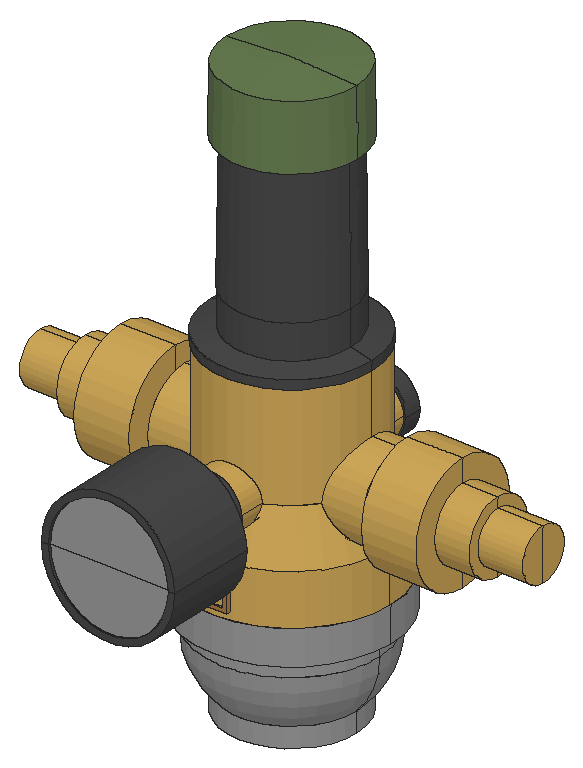
Revit family "Druckminderer mit Kunststoffkappe 2682", category Rohrzubehör, Revit 2018
Family settings
  Bemaßung runder Anschluss = Durchmesser verwenden
  Teiletyp = Unterbricht
  OmniClass-Nummer = 23.65.55.14
  OmniClass-Titel = Valves for Liquid Services
  Arbeitsebenenbasiert = Nein
  Immer vertikal = Ja
  Beim Laden mit Abzugskörper schneiden = Nein
  Gemeinsam genutzt = Nein
Parameters (values of type "Manometer vorne")
  Werkseinstellung (sekundärseitig) = 300000.0 Pa  # constant formula
  W01 = 91.00°  # constant formula
  Vorne [instance] = yes
  VRL03 [instance] = size_lookup("2682_K_", "VRL3", 1.000 mm, Nennweite)  # 23.500 mm
  VRL02 [instance] = size_lookup("2682_K_", "VRL2", 1.000 mm, Nennweite)  # 16.000 mm
  VRL01 [instance] = size_lookup("2682_K_", "VRL1", 1.000 mm, Nennweite)  # 73.500 mm
  VRD02 [instance] = size_lookup("2682_K_", "VRD2", 1.000 mm, Nennweite)  # 17.000 mm
  VRD01 [instance] = size_lookup("2682_K_", "VRD1", 1.000 mm, Nennweite)  # 10.500 mm
  VRAG [instance] = Nennweite / 2  # 7.500 mm
  URL = "www.herz-armaturen.at"
  Standard = "EN 1567"  # constant formula
  SC_NennweiteBerechnet = 0
  SC_Dimension = ""
  SCTWSEQ = "AW;SBT_TYP_AW=\"111\";2"
  SCTWCODE = "04;24;02"  # constant formula
  S02 = 10.000 mm  # constant formula
  S01 [instance] = VRD02 * 2  # 34.000 mm
  R07 [instance] = R05 + 0.800 mm  # 9.300 mm
  R06 = 19.500 mm  # constant formula
  R05 [instance] = size_lookup("2682_K_", "R5", 1.000 mm, Nennweite)  # 8.500 mm
  R04 [instance] = size_lookup("2682_K_", "R4", 1.000 mm, Nennweite)  # 18.900 mm
  R03 [instance] = size_lookup("2682_K_", "R3", 1.000 mm, Nennweite)  # 19.250 mm
  R02 [instance] = size_lookup("2682_K_", "R2", 1.000 mm, Nennweite)  # 28.750 mm
  R01 [instance] = size_lookup("2682_K_", "R1", 1.000 mm, Nennweite)  # 23.250 mm
  Oberteile = "PA6.6"  # constant formula
  Nennweite [instance] = 15.000 mm
  Membrane = "EPDM"  # constant formula
  Medium = "Wasser"  # constant formula
  Max. Vordruck (primärseitig) = 1600000.0 Pa  # constant formula
  Max. Betriebstemperatur = 40 °C  # constant formula
  Maschenweite Filter = "0.3 mm"  # constant formula
  Manometerskala = "0 - 10 bar"  # constant formula
  Manometeranschluss (beidseitig) = "1/4\" F (ISO 228-1)"
  LO01 [instance] = H02 - 2.000 mm  # 27.000 mm
  L01 [instance] = size_lookup("2682_K_", "L1", 1.000 mm, Nennweite)  # 10.600 mm
  L00 [instance] = size_lookup("2682_K_", "L", 1.000 mm, Nennweite)  # 84.000 mm
  Kappe = "PA12, transparent"  # constant formula
  Holländeranschlüsse = "Messing CW617N"  # constant formula
  Hinweis = "Gemäß Art 33 der REACH-Verordnung (EG Nr. 1907/2006) sind wir verpflichtet, darauf hinzuweisen, dass der Stoff Blei auf der SVHC-Liste geführt wird und dass alle aus Messing bestehenden Bauteile, die in unseren Erzeugnissen verarbeitet sind, mehr als 0,1 % (w/w) Blei (CAS: 7439-92-1 / EINECS: 231-100-4) enthalten.\r\nDa Blei als Legierungsbestandteil fest gebunden ist, sind keine Expositionen zu erwarten und daher sind keine zusätzlichen Angaben zur sicheren Verwendung notwendig."
  Hinten [instance] = no
  Hersteller = "HERZ Armaturen Ges.m.b.H."  # constant formula
  Handgriff = "PA 6.6, grün"  # constant formula
  H12 [instance] = size_lookup("2682_K_", "H12", 1.000 mm, Nennweite)  # 5.800 mm
  H11 [instance] = size_lookup("2682_K_", "H11", 1.000 mm, Nennweite)  # 10.000 mm
  H10 [instance] = size_lookup("2682_K_", "H10", 1.000 mm, Nennweite)  # 37.000 mm
  H09 [instance] = H01 + H04 - H05  # 84.500 mm
  H08 [instance] = size_lookup("2682_K_", "H8", 1.000 mm, Nennweite)  # 20.000 mm
  H07 [instance] = size_lookup("2682_K_", "H7", 1.000 mm, Nennweite)  # 10.000 mm
  H06 [instance] = size_lookup("2682_K_", "H6", 1.000 mm, Nennweite)  # 2.500 mm
  H05 [instance] = size_lookup("2682_K_", "H5", 1.000 mm, Nennweite)  # 4.700 mm
  H04 [instance] = size_lookup("2682_K_", "H4", 1.000 mm, Nennweite)  # 58.700 mm
  H03 [instance] = D02 + 1.000 mm  # 14.220 mm
  H02 [instance] = size_lookup("2682_K_", "H2", 1.000 mm, Nennweite)  # 29.000 mm
  H01 [instance] = size_lookup("2682_K_", "H1", 1.000 mm, Nennweite)  # 30.500 mm
  Gehäuse (DN32-DN50) = "Gussmessing (EN 1982; CC770S)"  # constant formula
  Gehäuse (DN15-DN25) = "geschmiedetes Messing (EN 12165; CW626N)"  # constant formula
  GT1 [instance] = size_lookup("2682_K_", "GT1", 1.000 mm, Nennweite)  # 12.000 mm
  GT [instance] = size_lookup("2682_K_", "GT", 1.000 mm, Nennweite)  # 13.200 mm
  Filter = "Edelstahl"  # constant formula
  Federführung = "Edelstahl"  # constant formula
  Feder = "Federstahl"  # constant formula
  Einstellbereich (sekundärseitig) = "1.5 - 6 bar"  # constant formula
  Dichtung im Druckreduziererelement = "EPDM"  # constant formula
  Dichtung der Holländeranschlüsse = "Klingersil C-4324"  # constant formula
  D09 [instance] = size_lookup("2682_K_", "D9", 1.000 mm, Nennweite)  # 19.000 mm
  D08 [instance] = size_lookup("2682_K_", "D8", 1.000 mm, Nennweite)  # 25.800 mm
  D07 [instance] = size_lookup("2682_K_", "D7", 1.000 mm, Nennweite)  # 29.000 mm
  D06 [instance] = size_lookup("2682_K_", "D6", 1.000 mm, Nennweite)  # 16.000 mm
  D05 [instance] = size_lookup("2682_K_", "D5", 1.000 mm, Nennweite)  # 16.800 mm
  D04 [instance] = size_lookup("2682_K_", "D4", 1.000 mm, Nennweite)  # 17.300 mm
  D03 [instance] = size_lookup("2682_K_", "D3", 1.000 mm, Nennweite)  # 23.500 mm
  D02 [instance] = size_lookup("2682_K_", "D2", 1.000 mm, Nennweite)  # 13.220 mm
  D01 [instance] = size_lookup("2682_K_", "D1", 1.000 mm, Nennweite)  # 9.525 mm
  Bestellnummer [instance] = size_lookup("2682_K_", "Artnr", 0, Nennweite)  # 1268211
  B03 = 5.000 mm  # constant formula
  B02 = 26.000 mm  # constant formula
  B01 [instance] = size_lookup("2682_K_", "B1", 1.000 mm, Nennweite)  # 30.000 mm
  B00 [instance] = size_lookup("2682_K_", "B", 1.000 mm, Nennweite)  # 67.000 mm
  Außengewinde = "gemäß ISO 7-1 und ISO228"  # constant formula
  Anwendung = "Typischerweise dient der Druckreduzierer dazu, Installationen beziehungsweise Anlagen vor zu hohem Druck zu schützen.\r\nWeiters können Druckreduzierer in Heizungsanlagen eingesetzt werden, um zu hohe Drücke im Boiler zu verhindern.\r\nDer Druck nach dem Druckreduzierer ist im angegebenen Bereich einstellbar und steht nicht im Zusammenhang mit dem Vordruck.\r\nUm den Druck nach dem Druckreduzierer zu steigern, muss der Handgriff im Uhrzeigersinn gedreht werden.\r\nDurch das Einstellen von Drücken, welche die vorgegebene Skala überschreiten, können Schäden am Druckreduzierer entstehen.\r\nWir empfehlen einen maximalen Hinterdruck sekundärseitig von 4 bar für Anlagen in privaten Haushalten (lange Produktlebensdauer, geringe Kosten).\r\nNach jeder Änderung des Einstellwertes muss die Ausgangsseite druckentlastet werden, zum Beispiel durch Wasserzapfen."
Types (3, lengths in mm): name | Vorne | Hinten
  (no name) | yes | no
  Manometer vorne | yes | no
  Manometer hinten | no | yes
Reference planes
  plane 1 "Mitte (Vorne/hinten)": y = 0
  plane 2: z = 0
  plane 3 "Mitte (Links/rechts)": x = 0
Forms (mm)
  Revolve 1, solid, material "Messing, weicher Gelbton, geschweißt", detail levels fine
    sketch origin (0, 0, 0) x (1, 0, 0) y (0, 0, 1)
      loop
        line (-42, 0) -> (42, 0) -> (42, 9.525) -> (31.4, 9.525) -> (31.4, 13.22) -> (-31.4, 13.22) -> (-31.4, 9.525) -> (-42, 9.525) -> (-42, 0)
      axis (-42, 0) -> (42, 0)
    angle from 0 to 360
  Revolve 2, solid, material "Messing, weicher Gelbton, geschweißt", detail levels fine
    sketch origin (0, 0, 0) x (1, 0, 0) y (0, 0, 1)
      loop
        line (0, -29) -> (28.75, -29) -> (28.75, -14.22) -> (23.25, 0) -> (23.25, 30.5) -> (0, 30.5) -> (0, -29)
      axis (0, 30.5) -> (0, -29)
    angle from 0 to 360
  Revolve 3, solid, material "Acetalharz, Schwarz", detail levels fine
    sketch origin (0, 0, 0) x (1, 0, 0) y (0, 0, 1)
      loop
        line (0, 30.5) -> (0, 89.2) -> (-16, 89.2) -> (-16, 84.5) -> (-16.8, 84.5) -> (-17.3, 44.5) -> (-17.3, 34.5) -> (-23.5, 33) -> (-23.5, 30.5) -> (0, 30.5)
      axis (0, 89.2) -> (0, 30.5)
    angle from 0 to 360
  Revolve 4, solid, material "Kunststoff GRÜN", detail levels fine
    sketch origin (0, 0, 0) x (1, 0, 0) y (0, 0, 1)
      loop
        line (0, 84.5) -> (19.25, 84.5) -> (18.9, 103.392)
        arc (18.9, 103.392) -> (9.466, 104.223) -> (0, 104.5) r 161.794
        line (0, 104.5) -> (0, 84.5)
      axis (0, 104.5) -> (0, 84.5)
    angle from 0 to 360
  Revolve 5, solid, material "Kunststoff, transparent", detail levels fine
    sketch origin (0, 0, 0) x (1, 0, 0) y (0, 0, 1)
      loop
        line (0, -29) -> (0, -66) -> (19, -66) -> (19, -60.2)
        arc (19, -60.2) -> (24.034, -52.577) -> (25.8, -43.615) r 23.626
        line (25.8, -43.615) -> (25.8, -39) -> (29, -39) -> (29, -29) -> (0, -29)
      axis (0, -29) -> (0, -66)
    angle from 0 to 360
  Revolve 6, solid, material "Messing, weicher Gelbton, geschweißt", detail levels fine
    sketch origin (0, 0, 0) x (1, 0, 0) y (0, 0, 1)
      loop
        line (34, 9.525) -> (46, 9.525) -> (46, 0) -> (73.5, 0) -> (73.5, 7.5) -> (60.3, 7.5) -> (60.3, 10.5) -> (50, 10.5) -> (50, 17) -> (34, 17) -> (34, 9.525)
      loop
        line (-34, 9.525) -> (-34, 17) -> (-50, 17) -> (-50, 10.5) -> (-60.3, 10.5) -> (-60.3, 7.5) -> (-73.5, 7.5) -> (-73.5, 0) -> (-46, 0) -> (-46, 9.525) -> (-34, 9.525)
      axis (-73.5, 0) -> (73.5, 0)
    angle from 0 to 360
  Revolve 7, solid, material "Messing, weicher Gelbton, geschweißt", detail levels fine
    sketch origin (0, 0, 0) x (1, 0, 0) y (0, 1, 0)
      loop
        line (0, 30) -> (0, -30) -> (8.5, -30) -> (8.5, 30) -> (0, 30)
      axis (0, 30) -> (0, -30)
    angle from 0 to 360
  Revolve 8, solid, material "Acetalharz, Schwarz", visible <- "Vorne", detail levels fine
    sketch origin (0, 0, 0) x (1, 0, 0) y (0, 1, 0)
      loop
        line (0, -30) -> (0, -65) -> (17.5, -65) -> (17.5, -67) -> (19.5, -67) -> (19.5, -41) -> (9.3, -41) -> (9.3, -30) -> (0, -30)
      axis (0, -30) -> (0, -67)
    angle from 0 to 360
  Revolve 9, solid, material "Acetalharz, Schwarz", visible <- "Vorne", detail levels fine
    sketch origin (0, 0, 0) x (1, 0, 0) y (0, 1, 0)
      loop
        line (0, 30) -> (9.3, 30) -> (9.3, 35) -> (0, 35) -> (0, 30)
      axis (0, 35) -> (0, 30)
    angle from 0 to 360
  Revolve 10, solid, material "Acetalharz, Schwarz", visible <- "Hinten", detail levels fine
    sketch origin (0, 0, 0) x (1, 0, 0) y (0, -1, 0)
      loop
        line (0, 30) -> (9.3, 30) -> (9.3, 35) -> (0, 35) -> (0, 30)
      axis (0, 35) -> (0, 30)
    angle from 0 to 360
  Revolve 11, solid, material "Acetalharz, Weiß", visible <- "Vorne", detail levels fine
    sketch origin (0, 0, 0) x (1, 0, 0) y (0, 1, 0)
      loop
        line (0, -65) -> (0, -66.5) -> (17.5, -66.5) -> (17.5, -65) -> (0, -65)
      axis (0, -65) -> (0, -66.5)
    angle from 0 to 360
  Revolve 12, solid, material "Acetalharz, Schwarz", visible <- "Hinten", detail levels fine
    sketch origin (0, 0, 0) x (1, 0, 0) y (0, -1, 0)
      loop
        line (0, -30) -> (0, -65) -> (17.5, -65) -> (17.5, -67) -> (19.5, -67) -> (19.5, -41) -> (9.3, -41) -> (9.3, -30) -> (0, -30)
      axis (0, -30) -> (0, -67)
    angle from 0 to 360
  Revolve 13, solid, material "Acetalharz, Weiß", visible <- "Hinten", detail levels fine
    sketch origin (0, 0, 0) x (1, 0, 0) y (0, -1, 0)
      loop
        line (0, -65) -> (0, -66.5) -> (17.5, -66.5) -> (17.5, -65) -> (0, -65)
      axis (0, -65) -> (0, -66.5)
    angle from 0 to 360
Lines and regions (mm)
  model lines, detail levels coarse+medium
    curve 1: line (-42, 0, -17) -> (-42, 0, 17)
    curve 2: line (-42, 0, 17) -> (42, 0, -34)
    curve 3: line (42, 0, -34) -> (42, 0, 34)
    curve 4: line (42, 0, 34) -> (-42, 0, -17)
    curve 5: line (-42, 0, 17) -> (-52, 0, 17)
    curve 6: line (-52, 0, 17) -> (-42, 0, 0)
    curve 7: line (-42, 0, -17) -> (-52, 0, -17)
    curve 8: line (-52, 0, -17) -> (-42, 0, 0)
    curve 9: line (-42, 0, 0) -> (-73.5, 0, 0)
    curve 10: line (42, 0, 17) -> (52, 0, 17)
    curve 11: line (52, 0, 17) -> (42, 0, 0)
    curve 12: line (42, 0, -17) -> (52, 0, -17)
    curve 13: line (52, 0, -17) -> (42, 0, 0)
    curve 14: line (42, 0, 0) -> (73.5, 0, 0)
    curve 15: line (-42, -17, 0) -> (-42, 17, 0)
    curve 16: line (-42, 17, 0) -> (42, -34, 0)
    curve 17: line (42, -34, 0) -> (42, 34, 0)
    curve 18: line (42, 34, 0) -> (-42, -17, 0)
    curve 19: line (-42, 17, 0) -> (-52, 17, 0)
    curve 20: line (-52, 17, 0) -> (-42, 0, 0)
    curve 21: line (-42, -17, 0) -> (-52, -17, 0)
    curve 22: line (-52, -17, 0) -> (-42, 0, 0)
    curve 23: line (42, 0, -17) -> (42, 0, 17)
    curve 24: line (42, 0, 17) -> (52, 0, 17)
    curve 25: line (52, 0, 17) -> (42, 0, 0)
    curve 26: line (42, 17, 0) -> (52, 17, 0)
    curve 27: line (52, 17, 0) -> (42, 0, 0)
    curve 28: line (42, -17, 0) -> (52, -17, 0)
    curve 29: line (52, -17, 0) -> (42, 0, 0)
Dimensions and locks
  equal spacing: Revolve 1 sketch curve, plane 3 "Mitte (Links/rechts)", Revolve 1 sketch curve
  "L00": Revolve 1 sketch curve to Revolve 1 sketch curve
  "L01": Revolve 1 sketch curve to Revolve 1 sketch curve  (x2)
  "D01": Revolve 1 sketch curve to Revolve 1 sketch curve  (x2)
  "D02": Revolve 1 sketch curve to plane 2
  "R01": Revolve 2 sketch curve to Revolve 2 sketch curve
  "R02": Revolve 2 sketch curve to Revolve 2 sketch curve
  "H01": Revolve 2 sketch curve to plane 2
  "H02": plane 2 to Revolve 2 sketch curve
  "H03": plane 2 to Revolve 2 sketch curve
  "H01": Revolve 3 sketch curve to plane 2
  "H04": Revolve 3 sketch curve to Revolve 3 sketch curve
  "H05": Revolve 3 sketch curve to Revolve 3 sketch curve
  "H06": Revolve 3 sketch curve to Revolve 3 sketch curve
  "H07": Revolve 3 sketch curve to Revolve 3 sketch curve
  "D03": Revolve 3 sketch curve to Revolve 3 sketch curve
  "D04": Revolve 3 sketch curve to Revolve 3 sketch curve
  "D05": Revolve 3 sketch curve to Revolve 3 sketch curve
  "D06": Revolve 3 sketch curve to Revolve 3 sketch curve
  "R03": Revolve 4 sketch curve to Revolve 4 sketch curve
  "H08": Revolve 4 sketch curve to Revolve 4 sketch curve
  "R04": Revolve 4 sketch curve to plane 3 "Mitte (Links/rechts)"
  "H09": Revolve 4 sketch curve to plane 2
  "H10": Revolve 5 sketch curve to Revolve 5 sketch curve
  "H02": plane 2 to Revolve 5 sketch curve
  "D07": Revolve 5 sketch curve to Revolve 5 sketch curve
  "H11": Revolve 5 sketch curve to Revolve 5 sketch curve
  "D08": Revolve 5 sketch curve to Revolve 5 sketch curve
  "H12": Revolve 5 sketch curve to Revolve 5 sketch curve
  "D09": Revolve 5 sketch curve to Revolve 5 sketch curve
  "VRL02": Revolve 6 sketch curve to Revolve 6 sketch curve  (x2)
  "VRL01": Revolve 6 sketch curve to plane 3 "Mitte (Links/rechts)"
  "GT": Revolve 6 sketch curve to Revolve 6 sketch curve  (x2)
  "VRL03": Revolve 6 sketch curve to Revolve 6 sketch curve  (x2)
  "D01": Revolve 6 sketch curve to plane 2  (x2)
  "GT1": Revolve 6 sketch curve to Revolve 6 sketch curve  (x2)
  "VRAG": Revolve 6 sketch curve to plane 2  (x2)
  "VRD01": Revolve 6 sketch curve to plane 2  (x2)
  "VRD02": Revolve 6 sketch curve to Revolve 6 sketch curve  (x2)
  "VRL01": plane 3 "Mitte (Links/rechts)" to Revolve 6 sketch curve
  "B01": Revolve 7 sketch curve to plane 1 "Mitte (Vorne/hinten)" to Revolve 7 sketch curve
  "R05": Revolve 7 sketch curve to Revolve 7 sketch curve
  "B00": Revolve 8 sketch curve to plane 1 "Mitte (Vorne/hinten)"
  "B01": plane 1 "Mitte (Vorne/hinten)" to Revolve 8 sketch curve
  "B02": Revolve 8 sketch curve to Revolve 8 sketch curve
  "R06": Revolve 8 sketch curve to Revolve 8 sketch curve
  "R07": Revolve 8 sketch curve to Revolve 8 sketch curve
  "R02": nested 1 to plane 1 "Mitte (Vorne/hinten)"
  "LO01": plane 2 to nested 1
  "VRD02": curve 2 to plane 2 to curve 4
  "S01": curve 4 to plane 2 to curve 3
  equal spacing: curve 3, plane 3 "Mitte (Links/rechts)", curve 1
  "L00": curve 3 to curve 1
  "S02": curve 1 to curve 6
  "S02": curve 1 to curve 8
  "VRL01": plane 3 "Mitte (Links/rechts)" to curve 9
  "S02": curve 11 to curve 3
  "S02": curve 13 to curve 3
  "VRL01": curve 14 to plane 3 "Mitte (Links/rechts)"
  "VRD02": curve 10 to plane 2 to curve 12
  equal spacing: curve 15, plane 3 "Mitte (Links/rechts)", curve 17
  "L00": curve 15 to curve 17
  "VRD02": curve 18 to plane 1 "Mitte (Vorne/hinten)" to curve 16
  "S01": curve 17 to plane 1 "Mitte (Vorne/hinten)" to curve 18
  "S02": curve 20 to curve 15
  "S02": curve 22 to curve 15
  "S02": curve 17 to curve 27
  "S02": curve 17 to curve 29
  "VRD02": curve 28 to plane 1 "Mitte (Vorne/hinten)" to curve 26
  "R07": Revolve 9 sketch curve to Revolve 9 sketch curve
  "B01": plane 1 "Mitte (Vorne/hinten)" to Revolve 9 sketch curve
  "B03": Revolve 9 sketch curve to Revolve 9 sketch curve
  "R07": Revolve 10 sketch curve to Revolve 10 sketch curve
  "B03": Revolve 10 sketch curve to Revolve 10 sketch curve
  "B01": Revolve 10 sketch curve to plane 1 "Mitte (Vorne/hinten)"
  "B02": Revolve 12 sketch curve to Revolve 12 sketch curve
  "R06": Revolve 12 sketch curve to Revolve 12 sketch curve
  "R07": Revolve 12 sketch curve to Revolve 12 sketch curve
  aligned and locked: level to plane 2
Automatic sketch dimensions
  Revolve 11 sketch curve to plane 3 "Mitte (Links/rechts)" = 0.000 mm  (x2)
  plane 3 "Mitte (Links/rechts)" to Revolve 11 sketch curve = 17.500 mm
  plane 1 "Mitte (Vorne/hinten)" to Revolve 11 sketch curve = 66.500 mm
  Revolve 11 sketch curve to Revolve 11 sketch curve = 1.500 mm
  Revolve 11 sketch curve to Revolve 11 sketch curve = 1933.500 mm
  Revolve 11 sketch curve to plane 1 "Mitte (Vorne/hinten)" = 2000.000 mm
  Revolve 13 sketch curve to plane 3 "Mitte (Links/rechts)" = 0.000 mm  (x2)
  Revolve 13 sketch curve to plane 3 "Mitte (Links/rechts)" = 17.500 mm
  plane 1 "Mitte (Vorne/hinten)" to Revolve 13 sketch curve = 66.500 mm
  Revolve 13 sketch curve to Revolve 13 sketch curve = 1.500 mm
  Revolve 13 sketch curve to Revolve 13 sketch curve = 1933.500 mm
  Revolve 13 sketch curve to plane 1 "Mitte (Vorne/hinten)" = 2000.000 mm
  curve 25 to level = 0.000 mm
  curve 14 to level = 0.000 mm
  curve 6 to level = 0.000 mm
  curve 8 to level = 0.000 mm
  curve 24 to curve 10 = 0.000 mm
  plane 1 "Mitte (Vorne/hinten)" to curve 29 = 0.000 mm
  plane 1 "Mitte (Vorne/hinten)" to curve 20 = 0.000 mm
  Revolve 1 sketch curve to level = 0.000 mm  (x2)
  Revolve 1 sketch curve to Revolve 1 sketch curve = 1464.530 mm
  Revolve 1 sketch curve to Revolve 1 sketch curve = 1797.148 mm
  Revolve 2 sketch curve to plane 3 "Mitte (Links/rechts)" = 0.000 mm  (x2)
  Revolve 2 sketch curve to level = 0.000 mm
  Revolve 2 sketch curve to Revolve 2 sketch curve = 337.045 mm
  Revolve 2 sketch curve to Revolve 2 sketch curve = 2183.815 mm
  Revolve 3 sketch curve to plane 3 "Mitte (Links/rechts)" = 0.000 mm  (x2)
  Revolve 3 sketch curve to Revolve 3 sketch curve = 1.500 mm
  Revolve 3 sketch curve to level = 366.045 mm
  Revolve 3 sketch curve to Revolve 3 sketch curve = 2125.115 mm
  Revolve 4 sketch curve to plane 3 "Mitte (Links/rechts)" = 0.000 mm  (x2)
  Revolve 4 sketch curve to level = 57.294 mm
  Revolve 4 sketch curve to Revolve 4 sketch curve = 308.751 mm
  Revolve 4 sketch curve to Revolve 4 sketch curve = 2109.815 mm
  Revolve 5 sketch curve to plane 3 "Mitte (Links/rechts)" = 0.000 mm  (x2)
  plane 3 "Mitte (Links/rechts)" to Revolve 5 sketch curve = 2.174 mm
  Revolve 5 sketch curve to Revolve 5 sketch curve = 300.045 mm
  level to Revolve 5 sketch curve = 2214.315 mm
  Revolve 6 sketch curve to level = 0.000 mm  (x3)
  Revolve 6 sketch curve to Revolve 6 sketch curve = 1433.030 mm
  Revolve 6 sketch curve to Revolve 6 sketch curve = 1765.648 mm
  Revolve 7 sketch curve to plane 3 "Mitte (Links/rechts)" = 0.000 mm  (x2)
  Revolve 7 sketch curve to Revolve 7 sketch curve = 1950.000 mm  (x2)
  Revolve 8 sketch curve to plane 3 "Mitte (Links/rechts)" = 0.000 mm  (x2)
  Revolve 8 sketch curve to Revolve 8 sketch curve = 2.000 mm  (x2)
  Revolve 8 sketch curve to Revolve 8 sketch curve = 0.000 mm
  Revolve 8 sketch curve to plane 1 "Mitte (Vorne/hinten)" = 2000.000 mm
  Revolve 9 sketch curve to plane 3 "Mitte (Links/rechts)" = 0.000 mm  (x2)
  plane 1 "Mitte (Vorne/hinten)" to Revolve 9 sketch curve = 2000.000 mm
  Revolve 9 sketch curve to Revolve 9 sketch curve = 1963.119 mm
  Revolve 10 sketch curve to plane 3 "Mitte (Links/rechts)" = 0.000 mm  (x2)
  plane 1 "Mitte (Vorne/hinten)" to Revolve 10 sketch curve = 2000.000 mm
  Revolve 10 sketch curve to Revolve 10 sketch curve = 1963.119 mm
  Revolve 12 sketch curve to plane 3 "Mitte (Links/rechts)" = 0.000 mm  (x2)
  Revolve 12 sketch curve to Revolve 12 sketch curve = 2.000 mm  (x2)
  plane 1 "Mitte (Vorne/hinten)" to Revolve 12 sketch curve = 67.000 mm
  Revolve 12 sketch curve to Revolve 12 sketch curve = 11.000 mm
  Revolve 12 sketch curve to Revolve 12 sketch curve = 0.000 mm
  Revolve 12 sketch curve to plane 1 "Mitte (Vorne/hinten)" = 2000.000 mm
Nested families
  nested 1: "Herz-Logo-vorne" at (0, -28.75, -22.5) x (0, 1, 0) z (0, 0, 1), type "Herz-Logo-vorne", detail levels fine
Connectors
  piping at (73.5, 0, 0), diameter 15, driven by "Nennweite"
    settings: on Revolve 6, index 1, connector inside diameter 609.6 mm, connector length 0.000 mm, flow factor 0, pipe flow 0.0 L/s, pressure drop 0.0 Pa, fitting loss kfactor 0, connector angle 0.00°, fixture units 0, engagement length 0.000 mm, angle of deflection 0.00°, flow configuration 0, flow direction 2, fitting loss method 0, system type 29, joint type 0, gender type 0, connector reference index -1, connector utility 0, adjustable connector no, is connector primary yes, connector description ""
  piping at (-73.5, 0, 0), diameter 15, driven by "Nennweite"
    settings: on Revolve 6, index 2, connector inside diameter 609.6 mm, connector length 0.000 mm, flow factor 0, pipe flow 0.0 L/s, pressure drop 0.0 Pa, fitting loss kfactor 0, connector angle 0.00°, fixture units 0, engagement length 0.000 mm, angle of deflection 0.00°, flow configuration 0, flow direction 1, fitting loss method 0, system type 29, joint type 0, gender type 0, connector reference index -1, connector utility 0, adjustable connector no, is connector primary no, connector description ""
Definition of nested family "Herz-Logo-vorne"
  Reference planes
    plane 1 "Mitte (Vorne/hinten)": y = 0
    plane 2: z = 0
    plane 3 "Mitte (Links/rechts)": x = 0
  Forms (mm)
    Extrusion 1, solid
      sketch origin (0.732, -0.018, 0.017) x (0, -1, 0) y (0, 0, 1)
        loop
          line (-0.018, -4.517) -> (4.482, -4.517) -> (4.482, 4.483) -> (-4.518, 4.483) -> (-4.518, -4.517) -> (-0.018, -4.517)
        loop
          line (-0.05, -3.48) -> (3.482, -3.48) -> (3.482, 3.483) -> (-3.518, 3.483) -> (-3.518, -3.48) -> (-0.05, -3.48)
        loop
          arc (-0.018, 2.383) -> (-1.543, 3.287) -> (-3.067, 2.383) r 1.738
          arc (-3.067, 2.383) -> (-3.191, 1.899) -> (-3.067, 1.415) r 1.009
          line (-3.067, 1.415) -> (-0.018, -3.281) -> (3.032, 1.415)
          arc (3.032, 1.415) -> (3.156, 1.899) -> (3.032, 2.383) r 1.009
          arc (3.032, 2.383) -> (1.507, 3.287) -> (-0.018, 2.383) r 1.738
        loop
          arc (1.885, 1.272) -> (2.005, 1.675) -> (1.885, 2.079) r 0.74
          arc (1.885, 2.079) -> (1.265, 2.416) -> (0.644, 2.079) r 0.74
          line (0.644, 2.079) -> (-0.018, 0.97) -> (-0.679, 2.079)
          arc (-0.679, 2.079) -> (-1.3, 2.416) -> (-1.921, 2.079) r 0.74
          arc (-1.921, 2.079) -> (-2.04, 1.675) -> (-1.921, 1.272) r 0.74
          line (-1.921, 1.272) -> (-0.018, -1.658) -> (1.885, 1.272)
      from 0 to 1.5
  Dimensions and locks
    aligned and locked: level to plane 2
